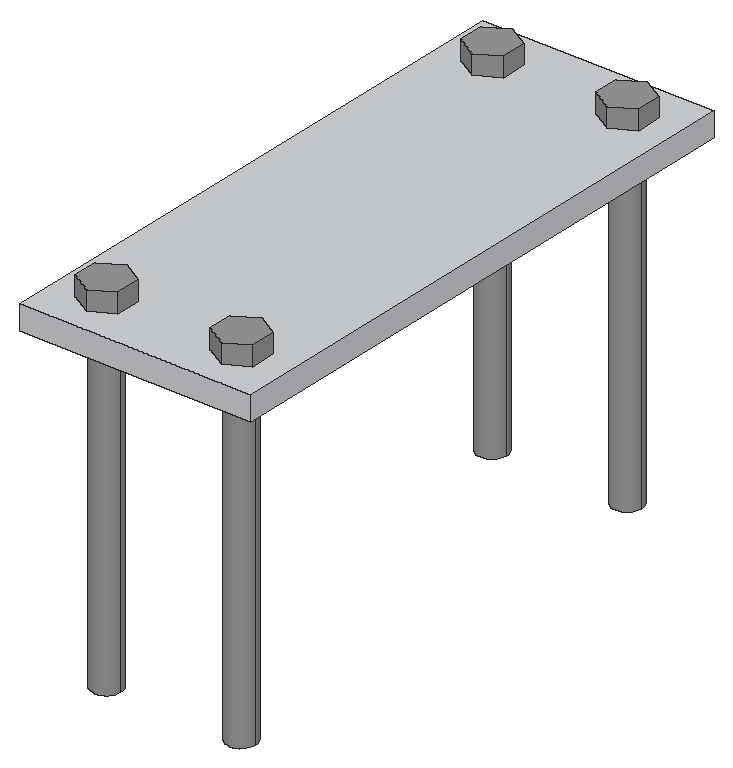
Revit family "051200 - Structural Steel Framing - Base Plate - 4 holes", category Structural Stiffeners, Revit 2019
Family settings
  OmniClass Number = 23.25.30.11.27
  OmniClass Title = Vibration and Earthquake Controls
  Work Plane-Based = Yes
  Always vertical = No
  Cut with Voids When Loaded = No
  Shared = No
Parameters (values of type "5/8in x 6in x 15in")
  Width = 0' - 6"
  Thickness = 0' - 0 5/8"
  Length = 1' - 3"
  Hole Radius = 0' - 0 3/8"
  Default Elevation = 4' - 0"
  Bolt Offset - Width Side = 0' - 1 1/4"
  Bolt Offset - Length Side = 0' - 1 1/4"
Types (2): name | Length
  5/8in x 6in x 15in | 1' - 3"
  2 | 0' - 10"
Reference planes (in)
  plane 1 "Center (Front/Back)": y = 0.8018
  plane 2: z = 0
  plane 3 "Center (Left/Right)": x = 0.50012
  plane 4: x = -2.49988
  plane 5: y = 8.3018
  plane 6: x = 3.50012
  plane 7: y = -6.6982
  plane 8: y = 7.0518
  plane 9: y = -5.4482
  plane 10: x = 2.25012
  plane 11: x = -1.24988
  plane 12: z = 0.625
Forms (in)
  Extrusion 1, solid
    sketch origin (0, 0, 0) x (1, 0, 0) y (0, 1, 0)
      loop
        line (-2.49988, 8.3018) -> (-2.49988, -6.6982) -> (3.50012, -6.6982) -> (3.50012, 8.3018) -> (-2.49988, 8.3018)
      loop
        circle (-1.24988, 7.0518) r 0.375
      loop
        circle (2.25012, 7.0518) r 0.375
      loop
        circle (2.25012, -5.4482) r 0.375
      loop
        circle (-1.24988, -5.4482) r 0.375
    from 0 to 0.625
Dimensions and locks (in)
  equal spacing: plane 4, plane 3 "Center (Left/Right)", plane 6
  equal spacing: plane 5, plane 1 "Center (Front/Back)", plane 7
  "Width": plane 4 to plane 6
  "Length": plane 5 to plane 7
  "Bolt Offset - Width Side": plane 4 to plane 11
  "Bolt Offset - Width Side": plane 10 to plane 6
  "Bolt Offset - Length Side": plane 5 to plane 8
  "Bolt Offset - Length Side": plane 9 to plane 7
  "Thickness": plane 12 to plane 2
  "Hole Radius": radius of Extrusion 1 sketch curve  (x4)
  aligned and locked: plane 4 to Extrusion 1 sketch curve
  aligned and locked: Extrusion 1 sketch curve to plane 5
  aligned and locked: Extrusion 1 sketch curve to plane 6
  aligned and locked: plane 11 to nested 2
  aligned and locked: nested 2 to plane 8
  aligned and locked: plane 10 to nested 1
  aligned and locked: nested 1 to plane 8
  aligned and locked: nested 4 to plane 9
  aligned and locked: plane 10 to nested 4
  aligned and locked: plane 11 to nested 3
  aligned and locked: nested 3 to plane 9
  aligned and locked: Extrusion 1 to nested 1
  aligned and locked: Extrusion 1 to plane 2
Automatic sketch dimensions
  Extrusion 1 sketch curve to plane 9 = 0' - 0"  (x2)
  Extrusion 1 sketch curve to plane 11 = 0' - 0"  (x2)
  Extrusion 1 sketch curve to plane 8 = 0' - 0"  (x2)
  Extrusion 1 sketch curve to plane 10 = 0' - 0"  (x2)
  Extrusion 1 sketch curve to plane 7 = 0' - 0"
Nested families (in)
  nested 1: "050523 - W_P_C - Fastenings - Lag Bolt or Thru Bolt" at (2.25012, 7.0518, 0.625), type "3/4" x 9""
    with Thickness_of_Substrate 0' - 1", Nut_Visibility no, Bolt Material (Size) STRUCTURAL BOLTS (PAINT TO MATCH STEEL FINISH), Side 0' - 0.65039", Radius 0' - 0 3/8", Length 0' - 9", Head Size 0' - 1 1/8", Head Radius 0' - 0 9/16", Head Height 0' - 0 1/2", Diameter 0' - 0 3/4"
  nested 2: "050523 - W_P_C - Fastenings - Lag Bolt or Thru Bolt" at (-1.24988, 7.0518, 0.625), type "3/4" x 9""
    with Thickness_of_Substrate 0' - 1", Nut_Visibility no, Bolt Material (Size) STRUCTURAL BOLTS (PAINT TO MATCH STEEL FINISH), Side 0' - 0.65039", Radius 0' - 0 3/8", Length 0' - 9", Head Size 0' - 1 1/8", Head Radius 0' - 0 9/16", Head Height 0' - 0 1/2", Diameter 0' - 0 3/4"
  nested 3: "050523 - W_P_C - Fastenings - Lag Bolt or Thru Bolt" at (-1.24988, -5.4482, 0.625), type "3/4" x 9""
    with Thickness_of_Substrate 0' - 1", Nut_Visibility no, Bolt Material (Size) STRUCTURAL BOLTS (PAINT TO MATCH STEEL FINISH), Side 0' - 0.65039", Radius 0' - 0 3/8", Length 0' - 9", Head Size 0' - 1 1/8", Head Radius 0' - 0 9/16", Head Height 0' - 0 1/2", Diameter 0' - 0 3/4"
  nested 4: "050523 - W_P_C - Fastenings - Lag Bolt or Thru Bolt" at (2.25012, -5.4482, 0.625), type "3/4" x 9""
    with Thickness_of_Substrate 0' - 1", Nut_Visibility no, Bolt Material (Size) STRUCTURAL BOLTS (PAINT TO MATCH STEEL FINISH), Side 0' - 0.65039", Radius 0' - 0 3/8", Length 0' - 9", Head Size 0' - 1 1/8", Head Radius 0' - 0 9/16", Head Height 0' - 0 1/2", Diameter 0' - 0 3/4"
Definition of nested family "050523 - W_P_C - Fastenings - Lag Bolt or Thru Bolt"
  Parameters (values of type "1/2" x 3"")
    Thickness_of_Substrate [instance] = 0' - 1"
    Side = Head Size * 0.57812  # 0' - 0 111/256"
    Radius = Diameter / 2  # 0' - 0 1/4"
    Nut_Visibility [instance] = yes
    Length = 0' - 3"
    Head Size = 0' - 0 3/4"
    Head Radius = Head Size / 2  # 0' - 0 3/8"
    Head Height = 0' - 0 27/64"
    Diameter = 0' - 0 1/2"
    Default Elevation = 4' - 0"
    Bolt Material (Size) [instance] = none
  Types (23): name | Side | Radius | Length | Head Size | Head Radius | Head Height | Diameter
    1/2" x 3" | 0' - 0 111/256" | 0' - 0 1/4" | 0' - 3" | 0' - 0 3/4" | 0' - 0 3/8" | 0' - 0 27/64" | 0' - 0 1/2"
    1/4" x 3" | 0' - 0.25293" | 0' - 0 1/8" | 0' - 3" | 0' - 0 7/16" | 0' - 0 7/32" | 0' - 0 11/64" | 0' - 0 1/4"
    5/16" x 3" | 0' - 0 37/128" | 0' - 0 5/32" | 0' - 3" | 0' - 0 1/2" | 0' - 0 1/4" | 0' - 0 7/32" | 0' - 0 5/16"
    3/8" x 3" | 0' - 0.3252" | 0' - 0 3/16" | 0' - 3" | 0' - 0 9/16" | 0' - 0 9/32" | 0' - 0 1/4" | 0' - 0 3/8"
    7/16" x 3" | 0' - 0.36133" | 0' - 0 7/32" | 0' - 3" | 0' - 0 5/8" | 0' - 0 5/16" | 0' - 0 19/64" | 0' - 0 7/16"
    5/8" x 3" | 0' - 0.54199" | 0' - 0 5/16" | 0' - 3" | 0' - 0 15/16" | 0' - 0 15/32" | 0' - 0 27/64" | 0' - 0 5/8"
    1/2" x 2 1/2" | 0' - 0 111/256" | 0' - 0 1/4" | 0' - 2 1/2" | 0' - 0 3/4" | 0' - 0 3/8" | 0' - 0 11/32" | 0' - 0 1/2"
    3/4" x 2" | 0' - 0.65039" | 0' - 0 3/8" | 0' - 2" | 0' - 1 1/8" | 0' - 0 9/16" | 0' - 0 1/2" | 0' - 0 3/4"
    3/8" x 1" | 0' - 0.3252" | 0' - 0 3/16" | 0' - 1" | 0' - 0 9/16" | 0' - 0 9/32" | 0' - 0 1/4" | 0' - 0 3/8"
    1/2" x 4" | 0' - 0 111/256" | 0' - 0 1/4" | 0' - 4" | 0' - 0 3/4" | 0' - 0 3/8" | 0' - 0 1/2" | 0' - 0 1/2"
    1/2" x 2" | 0' - 0 111/256" | 0' - 0 1/4" | 0' - 2" | 0' - 0 3/4" | 0' - 0 3/8" | 0' - 0 1/2" | 0' - 0 1/2"
    ONE | 0' - 0 111/128" | 0' - 0 1/2" | 0' - 3" | 0' - 1 1/2" | 0' - 0 3/4" | 0' - 0 151/256" | 0' - 1"
    3/4" x 4" | 0' - 0.65039" | 0' - 0 3/8" | 0' - 3" | 0' - 1 1/8" | 0' - 0 9/16" | 0' - 0 1/2" | 0' - 0 3/4"
    #10 | 0' - 0.1626" | 0' - 0.09961" | 0' - 4" | 0' - 0 9/32" | 0' - 0 9/64" | 0' - 0 1/8" | 0' - 0 51/256"
    1/4" | 0' - 0.25293" | 0' - 0 1/8" | 0' - 4" | 0' - 0 7/16" | 0' - 0 7/32" | 0' - 0 11/64" | 0' - 0 1/4"
    1" | 0' - 0 111/128" | 0' - 0 1/2" | 0' - 4" | 0' - 1 1/2" | 0' - 0 3/4" | 0' - 0 43/64" | 0' - 1"
    7/8" | 0' - 0.75879" | 0' - 0 7/16" | 0' - 4" | 0' - 1 5/16" | 0' - 0 21/32" | 0' - 0 37/64" | 0' - 0 7/8"
    5/8" | 0' - 0.54199" | 0' - 0 5/16" | 0' - 10 1/2" | 0' - 0 15/16" | 0' - 0 15/32" | 0' - 0 27/64" | 0' - 0 5/8"
    1/2" | 0' - 0 111/256" | 0' - 0 1/4" | 0' - 4" | 0' - 0 3/4" | 0' - 0 3/8" | 0' - 0 1/2" | 0' - 0 1/2"
    3/4" | 0' - 0.65039" | 0' - 0 3/8" | 0' - 7" | 0' - 1 1/8" | 0' - 0 9/16" | 0' - 0 1/2" | 0' - 0 3/4"
    3/8" | 0' - 0.3252" | 0' - 0 3/16" | 0' - 4" | 0' - 0 9/16" | 0' - 0 9/32" | 0' - 0 1/4" | 0' - 0 3/8"
    5/8" x 6" | 0' - 0.54199" | 0' - 0 5/16" | 0' - 6" | 0' - 0 15/16" | 0' - 0 15/32" | 0' - 0 27/64" | 0' - 0 5/8"
    5/8" x 7" | 0' - 0.54199" | 0' - 0 5/16" | 0' - 7" | 0' - 0 15/16" | 0' - 0 15/32" | 0' - 0 27/64" | 0' - 0 5/8"
  Reference planes (in)
    plane 1 "Center (Front/Back)": y = 0
    plane 2: z = 0
    plane 3 "Center (Left/Right)": x = 0
    plane 4: z = 0.42187
    plane 5: z = -3
    plane 6: y = 0
    plane 7: x = 0
    plane 8: z = -1
  Forms (in)
    Extrusion 1, solid, material <- "Bolt Material (Size)"
      sketch origin (0, 0, 0) x (1, 0, 0) y (0, 1, 0)
        loop
          circle (0, 0) r 0.25
      from -3 to 0
  Lines and regions (in)
    model lines
      curve 1: line (0, -0.64952, 0.42188) -> (0, 0.64952, 0.42188)
      curve 2: line (0.375, 0, 0.42188) -> (-0.375, 0, 0.42188)
    symbolic lines
      curve 3: line (0, 0, 0.42187) -> (0, 0, -3)
      curve 4: line (0, 0, 0.42187) -> (0, 0, -3)
  Dimensions and locks (in)
    "Head Height": plane 4 to level
    "Length": level to plane 5
    "Thickness_of_Substrate": plane 2 to plane 8
    "Radius": radius of Extrusion 1 sketch curve
    aligned and locked: level to plane 2
    aligned and locked: Extrusion 1 to plane 5
    aligned and locked: plane 7 to curve 1
    aligned and locked: plane 6 to curve 2
    aligned and locked: plane 6 to curve 4
  Automatic sketch dimensions
    curve 3 to plane 3 "Center (Left/Right)" = 0' - 0"
    curve 3 to plane 5 = 0' - 0"
    curve 3 to plane 4 = 0' - 0"
    curve 4 to plane 5 = 0' - 0"
    curve 4 to plane 4 = 0' - 0"
    curve 1 to curve 2 = 0' - 0.64952"
    curve 2 to curve 1 = 0' - 0.64952"
    curve 2 to nested 1 = 0' - 0"  (x2)
    plane 1 "Center (Front/Back)" to Extrusion 1 sketch curve = 0' - 0"
    Extrusion 1 sketch curve to plane 3 "Center (Left/Right)" = 0' - 0"
  Nested families (in)
    nested 1: "Nut" at (0, 0, 0), Diameter <- "Diameter", Head Height <- "Head Height", Head Size <- "Head Size", Bolt Material (Size) <- "Bolt Material (Size)", type "one"
      with Side 0' - 0 111/256", Radius 0' - 0 1/4", Head Size 0' - 0 3/4", Head Radius 0' - 0 3/8", Head Height 0' - 0 27/64", Diameter 0' - 0 1/2", Bolt Material (Size) none
    nested 2: "Nut" at (0, 0, -1) x (1, 0, 0) z (0, 0, -1), Diameter <- "Diameter", Head Height <- "Head Height", Head Size <- "Head Size", visible <- "Nut_Visibility", type "one"
      with Side 0' - 0 111/256", Radius 0' - 0 1/4", Head Size 0' - 0 3/4", Head Radius 0' - 0 3/8", Head Height 0' - 0 27/64", Diameter 0' - 0 1/2", Bolt Material (Size) none
  Definition of nested family "Nut"
    Parameters (values of type "one")
      Side [instance] = Head Size * 0.57812  # 0' - 0 111/256"
      Radius [instance] = Diameter / 2  # 0' - 0 1/4"
      Head Size [instance] = 0' - 0 3/4"
      Head Radius [instance] = Head Size / 2  # 0' - 0 3/8"
      Head Height [instance] = 0' - 0 11/32"
      Diameter [instance] = 0' - 0 1/2"
      Default Elevation = 4' - 0"
      Bolt Material (Size) [instance] = none
    Reference planes (in)
      plane 1 "Center (Front/Back)": y = 0
      plane 2: z = 0
      plane 3 "Center (Left/Right)": x = 0
      plane 4: z = 0.34375
      plane 5: y = 0
      plane 6: x = 0
    Forms (in)
      Extrusion 1, solid, material <- "Bolt Material (Size)"
        sketch origin (0, 0, 0) x (1, 0, 0) y (0, 1, 0)
          loop
            line (0, 0.43301) -> (-0.375, 0.21651) -> (-0.375, -0.21651) -> (0, -0.43301) -> (0.375, -0.21651) -> (0.375, 0.21651) -> (0, 0.43301)
        from 0 to 0.34375
    Lines and regions (in)
      symbolic lines
        curve 1: line (0, 0, 0.34375) -> (0, 0, -3)
    Dimensions and locks (in)
      "Head Height": plane 4 to level
      "Head Radius": Extrusion 1 sketch curve to plane 3 "Center (Left/Right)"
      "Head Radius": Extrusion 1 sketch curve to plane 6
      "Head Radius": Extrusion 1 sketch curve to plane 5  (x2)
      locked: Extrusion 1 sketch curve to Extrusion 1 sketch curve (angle 120.00°)  (x5)
      aligned and locked: level to plane 2
      aligned and locked: Extrusion 1 to plane 4
      aligned and locked: plane 5 to curve 1
    Automatic sketch dimensions
      curve 1 to plane 4 = 0' - 0"
      curve 1 to level = 0' - 3"
      Extrusion 1 sketch curve to plane 3 "Center (Left/Right)" = 0' - 0"  (x2)
